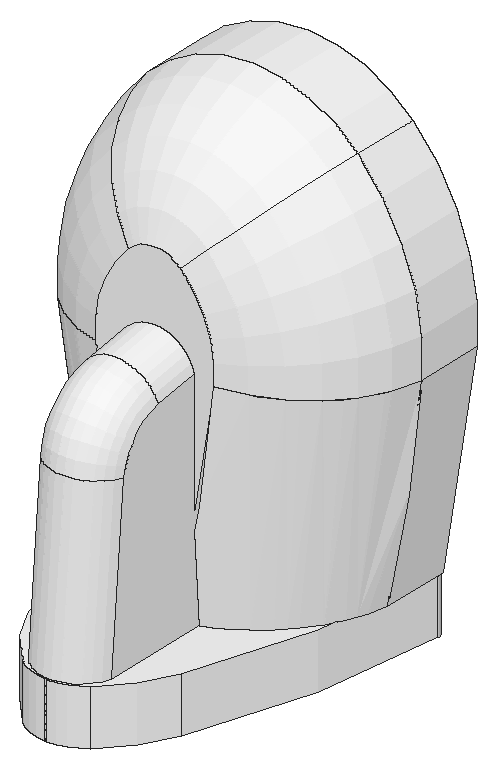
Revit family "Grohe_WallHungWC_BauCeramic_39351000", category Plumbing Fixtures, host Face, Revit 2020
Family settings
  Host = Face
  Round Connector Dimension = Use Diameter
  Part Type = Normal
  OmniClass Number = 23.45.05.00
  OmniClass Title = Sanitary Equipment
  Cut with Voids When Loaded = No
  Shared = No
  Room Calculation Point = No
Parameters (values of type "BAU CERAMIC Wall Hung WC (39351000)")
  _ObjectUserGuide = "https://www.bimstore.co/products/grohe-39351000/document/object-user-guide"
  _DistributedBy = "https://www.bimstore.co/"
  _CurrentRevision = 1
  _CreatedBy = "https://www.bimstore.co/"
  _BimSpecGuid = 0
  _BSBibleVersion = 17
  _AuthorizedBy = "bimstore"
  _Author = "SM 172"
  WarrantyStartDate [instance] = ""
  WarrantyGuarantorParts = "info-uk@grohe.com"
  WarrantyGuarantorLabor = "info-uk@grohe.com"
  WarrantyDurationUnit = "Years"
  WarrantyDurationParts = "0"
  WarrantyDurationLabor = "0"
  WarrantyDescription = "n/a"
  URL = "https://www.grohe.co.uk/en_gb/-39351000.html"
  TypeName = "BAU CERAMIC Wall Hung WC"
  Type Comments = "BAU CERAMIC Wall Hung WC"
  TPIDocumentLink = "https://cdn.cloud.grohe.com/tpi/2000/2100/2160/2165/2165243/original/2165243.pdf"
  SustainabilityReport = "green.grohe.com/reporting"
  SustainabilityAward = "green.grohe.com/awards"
  SpareParts = "info-uk@grohe.com"
  Size = "n/a"
  Shape = "n/a"
  SerialNumber [instance] = ""
  ReplacementCost = "n/a"
  ReferencedStandard = "n/a"
  ProductionYear = "2023"
  ProductType = "WCs + Urinals"
  ProductShortText = "BAU CERAMIC Wall Hung WC"
  ProductPageURL = "n/a"
  ProductNumber = "39351000"
  ProductDescription = "consisting of:\r\n\r\nBau Ceramic wall hung WC (39 427 000)\r\n\r\nfor concealed cistern\r\n\r\nhorizontal outlet\r\n\r\nwash down\r\n\r\nrimless\r\n\r\nflush volume 3/6 l\r\n\r\nsanitary ware\r\n\r\nBau Ceramic WC seat (39 493 000)\r\n\r\nsoft close\r\n\r\nquick release function\r\n\r\ndetachable\r\n\r\nmaterial: Duroplast\r\n\r\nincluding fixation set"
  PrimaryMaterial = Grohe_White
  PQDiagramLink = "n/a"
  NominalLength = 0 mm
  NominalHeight = 0 mm
  NominalDepth = 0 mm
  NBSReference = "45-35-70/384"
  NBSOfficeMasterTag = "n/a"
  NBSObjectName = "Grohe - WC pans"
  NBSNote = "n/a"
  NBSDescription = "WC pans"
  ModelReference = "BAU CERAMIC Wall Hung WC"
  ModelNumber = "39351000"
  Model = "BAU CERAMIC Wall Hung WC"
  Material = "n/a"
  ManufacturerName = "Grohe"
  Manufacturer = "Grohe"
  Keynote = "N44"
  InstallationDate [instance] = ""
  IfcExportType = "IfcPipeFittingType"
  IfcExportAs = "IfcPipeFitting"
  Grade = "n/a"
  GROHESustainability = "green.grohe.com"
  GROHESocialCommittment = "green.grohe.com/social_engagement"
  FullRecyclabilityOfPlastic = "All plastic components are fully recycable"
  Finish = "n/a"
  Features = "n/a"
  ExpectedLife = 0
  Ecojoy = no
  EF024897 = "Other"
  EF023829 = "true"
  EF023790 = "false"
  EF023789 = "false"
  EF022823 = "Two quantities"
  EF022280 = "true"
  EF021607 = "false"
  EF020719 = "false"
  EF020718 = "true"
  EF020717 = "false"
  EF020716 = "false"
  EF020714 = "false"
  EF020713 = "false"
  EF020712 = "true"
  EF020300 = "Push button"
  EF020295 = "Deep"
  EF020259 = "PS (Pipe short)"
  EF012545 = "true"
  EF011724 = "180"
  EF011723 = "true"
  EF011668 = "false"
  EF011665 = "false"
  EF011664 = "true"
  EF011663 = "TRUE"
  EF011662 = "Hard"
  EF010871 = 3
  EF010237 = "true"
  EF006331 = "false"
  EF006009 = "false"
  EF002442 = "Screw"
  EF002169 = "Ceramics"
  EF001139 = "Wall"
  EF000049 = 531 mm
  EF000040 = 420 mm
  EF000008 = 304 mm
  EF000007 = "White"
  DurationUnit = "Years"
  DocumentationTechnical = "https://www.bimstore.co/products/grohe-39351000/document/technical-data-sheet"
  DocumentationMaintenance = "https://www.bimstore.co/products/grohe-39351000/document/maintenance-information"
  DocumentationLiterature = "https://www.bimstore.co/products/grohe-39351000/document/product-literature"
  DocumentationInstallationGuide = "https://www.bimstore.co/products/grohe-39351000/document/installation-guide"
  DocumentationCertificates = "https://www.bimstore.co/products/grohe-39351000/document/product-certificates"
  DimensionsDocumentLink = "https://cdn.cloud.grohe.com/dimdraw/100000/100000/100000/100000/100020/100022/100022921/1280/100022921.jpg"
  Description = "BAU CERAMIC Wall Hung WC"
  Default Elevation = 1219.2 mm
  CreatedOn = "2023-10-01T:09:00:00"
  CreatedBy = "info-uk@grohe.com"
  CradleToCradleCertification = "n/a"
  Cost = 0
  Constituents = "n/a"
  Color = "White"
  CodePerformance = "n/a"
  ClassificationValue = "Pr_40_20_93_94"
  ClassificationName = "Uniclass2015"
  CO2NeutralProduction = "GROHE is one of the first leading manufacturer within the sanitary industry having a CO2-neutral production."
  BarCode [instance] = ""
  BIMObjectName = "Grohe_WallHungWC_BauCeramic_39351000"
  AssetType = "Fixed"
  AssetIdentifier [instance] = ""
  Assembly Code = "D2041"
  AccessibilityPerformance = "n/a"
Reference planes
  plane 1 "Center (Front/Back)": y = 0
  plane 2: z = 0
  plane 3 "Center (Left/Right)": x = 0
Forms (mm)
  Extrusion 1, solid, material "Grohe_White" <- "PrimaryMaterial"
    sketch origin (0, 0, 0) x (1, 0, 0) y (0, 1, 0)
      loop
        arc (-81.743, -278.602) -> (-62.376, -312.651) -> (-36.373, -341.947) r 187.979
        arc (-36.373, -341.947) -> (-20, -352.107) -> (-1.061, -355.653) r 52.341
        line (-1.061, -355.653) -> (0, -355.653) -> (1.061, -355.653)
        arc (1.061, -355.653) -> (20, -352.107) -> (36.373, -341.947) r 52.341
        arc (36.373, -341.947) -> (62.376, -312.651) -> (81.743, -278.602) r 187.979
        arc (81.743, -278.602) -> (124.607, -149.97) -> (143.447, -15.701) r 745.002
        arc (143.447, -15.701) -> (141.539, -10.118) -> (136.322, -7.362) r 8
        arc (136.322, -7.362) -> (-0.004, 0) -> (-136.323, -7.473) r 1256.405
        arc (-136.323, -7.473) -> (-141.536, -10.232) -> (-143.442, -15.813) r 8
        arc (-143.442, -15.813) -> (-124.594, -150.025) -> (-81.743, -278.602) r 745.002
    from 0 to 58.799
  Extrusion 2, solid, material "Grohe_White" <- "PrimaryMaterial"
    sketch origin (0, 0, 0) x (1, 0, 0) y (0, 0, 1)
      loop
        line (-143.447, 58.799) -> (143.447, 58.799)
        arc (143.447, 58.799) -> (165.348, 171.355) -> (179.301, 285.169) r 1633.967
        arc (179.301, 285.169) -> (166.068, 388.273) -> (111.141, 476.526) r 244.136
        arc (111.141, 476.526) -> (0, 523.486) -> (-111.141, 476.526) r 155
        arc (-111.141, 476.526) -> (-166.068, 388.273) -> (-179.301, 285.169) r 244.136
        arc (-179.301, 285.169) -> (-165.348, 171.355) -> (-143.447, 58.799) r 1633.967
    from 9.676 to 212.032
  Sweep 3, void
    path in 3D
      loop
        arc (-132.41, -212.032, 13.97) -> (-161.576, -212.032, 148.58) -> (-179.301, -212.032, 285.169) r 1633.967
        arc (-179.301, -212.032, 285.169) -> (-166.068, -212.032, 388.273) -> (-111.141, -212.032, 476.526) r 244.136
        arc (-111.141, -212.032, 476.526) -> (0, -212.032, 523.486) -> (111.141, -212.032, 476.526) r 155
        arc (111.141, -212.032, 476.526) -> (166.068, -212.032, 388.273) -> (179.301, -212.032, 285.169) r 244.136
        arc (179.301, -212.032, 285.169) -> (161.978, -212.032, 150.915) -> (133.601, -212.032, 18.556) r 1633.967
    profile origin (0, -212.032, 523.486) x (0, 0, 1) y (0, -1, 0)
      loop
        line (-137.067, 80) -> (-137.067, 3.935)
        arc (-137.067, 3.935) -> (-46.192, -40.168) -> (0, -130) r 159.59
        line (0, -130) -> (72.977, -130) -> (72.977, 80) -> (-137.067, 80)
  Sweep 4, solid, material "Grohe_White" <- "PrimaryMaterial"
    path origin (0, 0, 0) x (0, 1, 0) y (0, 0, 1)
      loop
        line (-311.513, 44.643) -> (-294.314, 241.227)
        arc (-294.314, 241.227) -> (-282.484, 267.9) -> (-256.779, 281.71) r 45
        line (-256.779, 281.71) -> (-146.563, 299.812)
    profile origin (0, -302.913, 142.935) x (0, -0.996195, 0.087156) y (1, 0, 0)
      loop
        line (10.473, 41.709) -> (10.473, -41.709)
        arc (10.473, -41.709) -> (43.226, 0) -> (10.473, 41.709) r 42.933
  Extrusion 5, solid, material "Grohe_White" <- "PrimaryMaterial"
    sketch origin (0, 0, 0) x (0, 1, 0) y (0, 0, 1)
      loop
        arc (-258.476, 292.044) -> (-290.163, 275.021) -> (-304.747, 242.139) r 55.473
        line (-304.747, 242.139) -> (-320.787, 58.799) -> (-180.653, 58.799) -> (-180.653, 304.826) -> (-258.476, 292.044)
    from -41.709 to 41.709
  Extrusion 6, void
    sketch origin (0, 0, 0) x (1, 0, 0) y (0, 0, 1)
      loop
        circle (82.995, 82.78) r 6.998
      loop
        circle (-82.995, 82.78) r 6.998
    from 0 to 10.208
  Extrusion 7, void
    sketch origin (0, 0, 0) x (1, 0, 0) y (0, 0, 1)
      loop
        spline (0, 138.165) -> (34.544, 144.025) -> (66.734, 161.206) -> (94.376, 188.537) -> (115.586, 224.155) -> (128.92, 265.634) -> (133.468, 310.146) -> (128.92, 354.658) -> (115.586, 396.137) -> (94.376, 431.755) -> (66.734, 459.086) -> (34.544, 476.267) -> (0, 482.128)
        spline (0, 482.128) -> (-34.544, 476.267) -> (-66.734, 459.086) -> (-94.376, 431.755) -> (-115.586, 396.137) -> (-128.92, 354.658) -> (-133.468, 310.146) -> (-128.92, 265.634) -> (-115.586, 224.155) -> (-94.376, 188.537) -> (-66.734, 161.206) -> (-34.544, 144.025) -> (0, 138.165)
    from -113.629 to 117.836
Cuts and joins
  Sweep 3, Extrusion 6, Extrusion 7 cuts Extrusion 2
  joined: Extrusion 1, Sweep 4, Extrusion 5
Lines and regions (mm)
  sketch lines
    curve 1: arc (-132.41, -212.032, 13.97) -> (-161.576, -212.032, 148.58) -> (-179.301, -212.032, 285.169) r 1633.967
    curve 2: arc (-179.301, -212.032, 285.169) -> (-166.068, -212.032, 388.273) -> (-111.141, -212.032, 476.526) r 244.136
    curve 3: arc (-111.141, -212.032, 476.526) -> (0, -212.032, 523.486) -> (111.141, -212.032, 476.526) r 155
    curve 4: arc (111.141, -212.032, 476.526) -> (166.068, -212.032, 388.273) -> (179.301, -212.032, 285.169) r 244.136
    curve 5: arc (179.301, -212.032, 285.169) -> (161.978, -212.032, 150.915) -> (133.601, -212.032, 18.556) r 1633.967
Dimensions and locks
  aligned and locked: plane 2 to host face
  aligned and locked: level to host face
